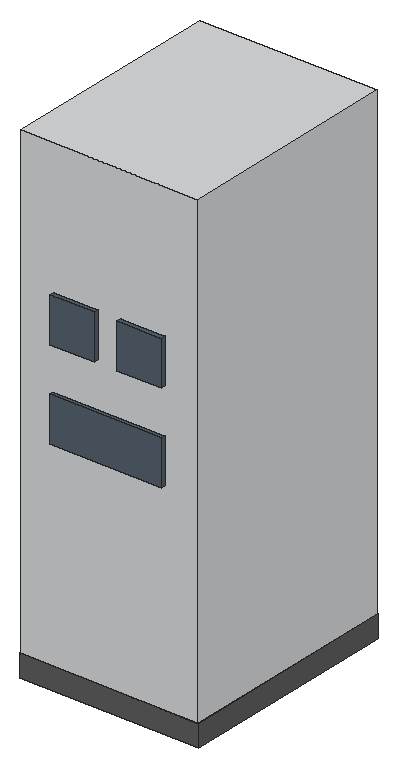
Revit family "EQ_Metering & Protection Panel", category Electrical Equipment, Revit 2025
Family settings
  Panel Configuration = Two Columns, Circuits Across
  Round Connector Dimension = Use Diameter
  Part Type = Panelboard
  OmniClass Number = 23.80.30.11.17
  OmniClass Title = Distribution Boards and Control Panels
  Work Plane-Based = No
  Always vertical = Yes
  Cut with Voids When Loaded = No
  Maintain Annotation Orientation = No
  Shared = No
  Room Calculation Point = No
Parameters (values of type "CT/PT + kWh Meter + Relay")
  built-in parameter 1140142 [instance] = -1
  built-in parameter 1140140 [instance] = 1 (stored number, unit not read)
  built-in parameter 1155100 [instance] = -1
  Default Elevation = 0 mm
Reference planes
  plane 1 "Center (Front/Back)": y = 0
  plane 2: z = 0
  plane 3 "Center (Left/Right)": x = 0
Forms (mm)
  Extrusion 1, solid, material "Plinth Black"
    sketch origin (0, 0, 0) x (1, 0, 0) y (0, 1, 0)
      loop
        line (-400, -500) -> (400, -500) -> (400, 500) -> (-400, 500) -> (-400, -500)
    from 0 to 100
  Extrusion 2, solid, material "Switchboard RAL7035"
    sketch origin (0, 0, 100) x (1, 0, 0) y (0, 1, 0)
      loop
        line (-397, -500) -> (397, -500) -> (397, 500) -> (-397, 500) -> (-397, -500)
    from 0 to 2100
  Extrusion 3, solid, material "Meter Display Dark"
    sketch origin (0, 0, 1400) x (1, 0, 0) y (0, 1, 0)
      loop
        line (-250, -520) -> (-50, -520) -> (-50, -500) -> (-250, -500) -> (-250, -520)
    from 0 to 200
  Extrusion 4, solid, material "Meter Display Dark"
    sketch origin (0, 0, 1400) x (1, 0, 0) y (0, 1, 0)
      loop
        line (50, -520) -> (250, -520) -> (250, -500) -> (50, -500) -> (50, -520)
    from 0 to 200
  Extrusion 5, solid, material "Meter Display Dark"
    sketch origin (0, 0, 1000) x (1, 0, 0) y (0, 1, 0)
      loop
        line (-250, -520) -> (250, -520) -> (250, -500) -> (-250, -500) -> (-250, -520)
    from 0 to 200
Dimensions and locks
  aligned and locked: level to plane 2
